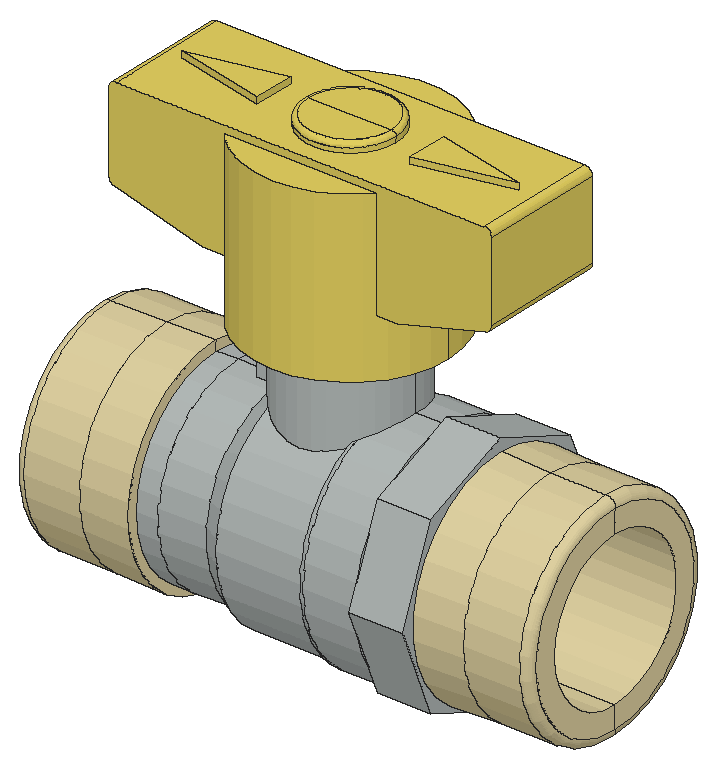
Revit family "QP25021020", category Apparecchi idraulici, Revit 2020
Family settings
  Quota connettore circolare = Usa diametro
  Tipo di parte = Normale
  Numero OmniClass = 23.45.00.00
  Titolo OmniClass = Sanitary, Laundry, and Cleaning Equipment
  Basato su piano di lavoro = No
  Sempre verticale = Sì
  Taglio con vuoti quando caricato = No
  Condiviso = No
  Punto di calcolo locali = No
Parameters
  URL = "https://web.cimberio.com/index.php/figura/1621?subcategoria_id=95698"
  Prospetto di default = 0 mm
  Produttore = "CIMBERIO SPA"
  Modello = "CIM 311RMG2"
  Descrizione = "Utilizzato nell’impiantistica distributiva di gas a bassa pressione per le categorie:\r\nGas naturali: gas derivati dal petrolio (Metano) e gas di ricambio.\r\nGas di città: prodotti secondo i diversi procedimenti (Cracking - Cokerie - ecc.).\r\nGas liquidi: propano e miscele di gas propano/butano"
  DN Model [instance] = 0 mm
  DN = 20 mm
Reference planes
  plane 1 "Centro (Fronte/Retro)": y = 0
  plane 2: z = 0
  plane 3 "Centro (Sinistra/Destra)": x = 0
Forms (mm)
  Extrusion 1, solid, material "_CIM_Lega di ottone"
    sketch origin (-1.996, 0, 4.955) x (1, 0, 0) y (0, 0, 1)
      loop
        line (-4.446, 21.345) -> (-11.004, 21.345) -> (-11.004, 16.2) -> (-9.004, 15.045) -> (-9.004, 8.045) -> (-4.446, 8.045) -> (-4.446, 21.345)
    from 0 to 1.497
  Revolve 2, solid, material "_CIM Plastica maniglia"
    sketch origin (0, 0, 0) x (1, 0, 0) y (0, 0, 1)
      loop
        line (1.6, 22.8) -> (12.882, 22.8) -> (12.882, 44.8) -> (0, 44.8) -> (0, 39.843) -> (1.6, 39.843) -> (1.6, 22.8)
      axis (0, 44.8) -> (0, 22.8)
    angle from 0 to 360
  Revolve 3, solid, material "_CIM_Lega di ottone"
    sketch origin (0, 0, 0) x (1, 0, 0) y (0, 0, 1)
      loop
        arc (8.5, 20.5) -> (8.854, 20.646) -> (9, 21) r 0.5
        line (9, 21) -> (9, 31.632) -> (0, 31.632) -> (0, 9.805) -> (8.5, 9.805) -> (8.5, 20.5)
      axis (0, 31.632) -> (0, 9.805)
    angle from 0 to 360
  Revolve 4, solid, material "_CIM_Lega di ottone filetto"
    sketch origin (0, 0, 0) x (1, 0, 0) y (0, 0, 1)
      loop
        line (26.117, 14.15) -> (19.6, 14.378) -> (19.6, 10) -> (34.6, 10) -> (34.6, 12.95)
        arc (34.6, 12.95) -> (34.249, 13.799) -> (33.4, 14.15) r 1.2
        line (33.4, 14.15) -> (26.117, 14.15)
      axis (19.6, 0) -> (34.6, 0)
    angle from 0 to 360
  Extrusion 5, solid, material "_CIM Plastica maniglia"
    sketch origin (0, 0, 0) x (1, 0, 0) y (0, 0, 1)
      loop
        arc (-24, 45.8) -> (-24.707, 45.507) -> (-25, 44.8) r 1
        line (-25, 44.8) -> (-25, 34.567)
        arc (-25, 34.567) -> (-24.793, 33.959) -> (-24.259, 33.601) r 1
        line (-24.259, 33.601) -> (-12.721, 30.51) -> (12.721, 30.51) -> (24.259, 33.601)
        arc (24.259, 33.601) -> (24.793, 33.959) -> (25, 34.567) r 1
        line (25, 34.567) -> (25, 44.8)
        arc (25, 44.8) -> (24.707, 45.507) -> (24, 45.8) r 1
        line (24, 45.8) -> (-24, 45.8)
    from -8.229 to 8.159
  Revolve 6, solid, material "_CIM_Lega di ottone filetto"
    sketch origin (2.1, 0, 0) x (-1, 0, 0) y (0, 0, 1)
      loop
        line (26.117, 14.15) -> (19.6, 14.378) -> (19.6, 10) -> (34.6, 10) -> (34.6, 12.95)
        arc (34.6, 12.95) -> (34.249, 13.799) -> (33.4, 14.15) r 1.2
        line (33.4, 14.15) -> (26.117, 14.15)
      axis (19.6, 0) -> (34.6, 0)
    angle from 0 to 360
  Revolve 7, solid, material "_CIM_Lega di ottone"
    sketch origin (0, 0, 0) x (1, 0, 0) y (0, 0, 1)
      loop
        line (12.6, -10) -> (-17.5, -10) -> (-17.5, -13.15) -> (-14.606, -13.15) -> (-8.5, -13) -> (-5.902, -14.5) -> (5, -14.5)
        arc (5, -14.5) -> (5.366, -14.866) -> (5.866, -15) r 1
        line (5.866, -15) -> (12.6, -15) -> (12.6, -10)
      axis (-17.5, 0) -> (12.6, 0)
    angle from 0 to 360
  Extrusion 8, solid, material "_CIM_Lega di ottone"
    sketch origin (0, 0, 0) x (0, 1, 0) y (0, 0, 1)
      loop
        circle (0, 0) r 10
      loop
        line (0, 16) -> (-11.314, 11.314) -> (-16, 0) -> (-11.314, -11.314) -> (0, -16) -> (11.314, -11.314) -> (16, 0) -> (11.314, 11.314) -> (0, 16)
    from 12.6 to 19.6
  Revolve 9, solid, material "_CIM Plastica maniglia"
    sketch origin (0, 0, 0) x (1, 0, 0) y (0, 0, 1)
      loop
        line (0, 47) -> (0, 45.243) -> (6, 45.243) -> (6, 46.381)
        arc (6, 46.381) -> (5.819, 46.819) -> (5.381, 47) r 0.619
        line (5.381, 47) -> (0, 47)
      axis (0, 47) -> (0, 45.243)
    angle from 0 to 360
  Extrusion 10, solid, material "_CIM Plastica maniglia"
    sketch origin (-24, 0, 45.8) x (1, 0, 0) y (0, 1, 0)
      loop
        line (34, 2.75) -> (34, -2.75) -> (46, 0) -> (34, 2.75)
      loop
        line (14, 2.75) -> (2, 0) -> (14, -2.75) -> (14, 2.75)
    from 0 to 0.8
Dimensions and locks
  aligned and locked: level to plane 2
  aligned and locked: Extrusion 10 to import instance
Connectors
  piping at (19.6, 0, 0), diameter 20, driven by "DN"
    settings: on Extrusion 8, index 1, connector inside diameter 609.6 mm, connector length 0 mm, flow factor 0, pipe flow 0.0 L/s, pressure drop 0.0 Pa, fitting loss kfactor 0, connector angle 0.00°, fixture units 0, engagement length 0 mm, angle of deflection 0.00°, flow configuration 0, flow direction 0, fitting loss method 0, system type 7, joint type 0, gender type 0, connector reference index -1, connector utility 0, adjustable connector no, is connector primary yes, connector description ""
  piping at (-17.5, 0, 0), diameter 20, driven by "DN"
    settings: on Revolve 7, index 2, connector inside diameter 609.6 mm, connector length 0 mm, flow factor 0, pipe flow 0.0 L/s, pressure drop 0.0 Pa, fitting loss kfactor 0, connector angle 0.00°, fixture units 0, engagement length 0 mm, angle of deflection 0.00°, flow configuration 0, flow direction 0, fitting loss method 0, system type 7, joint type 0, gender type 0, connector reference index -1, connector utility 0, adjustable connector no, is connector primary no, connector description ""
